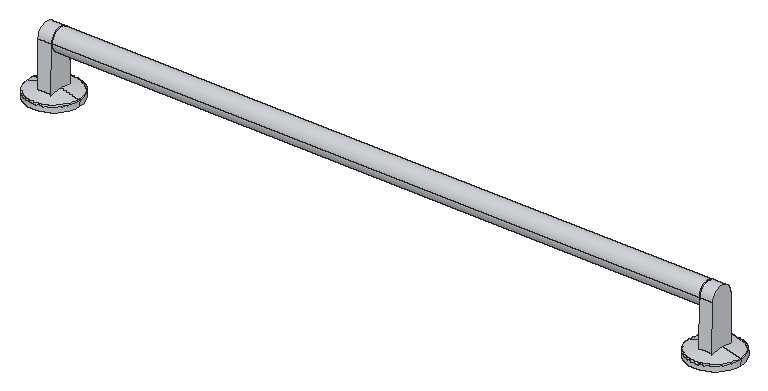
Revit family "Accessory-Towel_Bar-KOHLER-Components-K-78374", category Specialty Equipment, host Face, Revit 2015
Parameters (values of type "CP-Polished Chrome")
  Width = 2 3/8"  # constant formula
  URL = "https://www.us.kohler.com/us/"
  Type = 1
  Product Page URL = "http://www.us.kohler.com/us/catalog/productDetails.jsp?productNumber=78374"
  Product Name = "Components"  # constant formula
  Product Documentation Link = "http://www.us.kohler.com/onlinecatalog/pdf/K-78374_spec.pdf"
  Model = if(Type = 1, "K-78374-CP", if(Type = 2, "K-78374-BN", if(Type = 3, "K-78374-BL", if(Type = 4, "K-78374-TT", "NA"))))  # "K-78374-CP"
  Material = "Premium Metal Construction"  # constant formula
  MasterFormat 2004 = "10.28.13"  # constant formula
  MasterFormat 1995 = "10820"  # constant formula
  Manufacturer Address = "444 Highland Dr, Kohler, WI 53044"  # constant formula
  Manufacturer = "KOHLER Co."  # constant formula
  Length = 30"  # constant formula
  Height = 2 15/16"  # constant formula
  Finish = Kohler-Metal-CP-Polished_Chrome
  Environmental Product Declaration = ""
  Description = "30inch Towel Bar"  # constant formula
  Default Elevation = 42"
  Declare Label = ""
  Date Modified = "07/06/2018"  # constant formula
  Date Created = "07/06/2018"  # constant formula
  Copyright = "Copyright KOHLER Co."  # constant formula
  Contact Us = "https://www.us.kohler.com/us/static/contact.jsp"
  Assembly Code = "C1030200"
  ADA Compliant = 1 = 0  # no
Types (4): name | Type | Model | Finish
  (no name) | 1 | "K-78374-CP" | Kohler-Metal-CP-Polished_Chrome
  CP-Polished Chrome | 1 | "K-78374-CP" | Kohler-Metal-CP-Polished_Chrome
  BL-Matte Black | 3 | "K-78374-BL" | Kohler-Metal-BL-Matte_Black
  TT-Titanium | 4 | "K-78374-TT" | Kohler-Metal-TT-Vibrant_Titanium
Reference planes (in)
  plane 1 "Center (Front/Back)": y = 0
  plane 2: z = 0
  plane 3 "Center (Left/Right)": x = 0
  plane 4: x = -15
  plane 5: x = 15
  plane 6: y = 1.1875
  plane 7: y = -1.1875
  plane 8: z = 2.9375
Dimensions and locks (in)
  "Length": plane 4 to plane 5
  "Width": plane 6 to plane 7
  "Height": plane 8 to level
  aligned and locked: plane 2 to host face
  aligned and locked: level to host face
Automatic sketch dimensions
  host sketch curve to host sketch curve = 96"  (x2)
Nested families (in)
  nested 1: "K-78374" at (0, 0, 0), type "K-78374"
Definition of nested family "K-78374"
  Parameters (values of type "K-78374")
    Material = none
    Length = 30"
  Reference planes (in)
    plane 1 "Center (Front/Back)": y = 0
    plane 2: z = 0
    plane 3 "Center (Left/Right)": x = 0
    plane 4: x = -15
    plane 5: x = 15
    plane 6: y = 1.1875
    plane 7: z = 2.9375
    plane 8: y = -1.1875
  Forms (in)
    Revolve 1, solid, material <- "Material", detail levels medium+fine
      sketch origin (0, 0, 0) x (1, 0, 0) y (0, 0, 1)
        loop
          line (-16.1875, 0) -> (-15, 0) -> (-15, 0.54137) -> (-16.15723, 0.26168)
          arc (-16.15723, 0.26168) -> (-16.17902, 0.24769) -> (-16.1875, 0.22322) r 0.03957
          line (-16.1875, 0.22322) -> (-16.1875, 0)
        axis (-15, 0.54137) -> (-15, 0)
      angle from 0 to 360
    Revolve 2, solid, material <- "Material", detail levels medium+fine
      sketch origin (0, 0, 0) x (-1, 0, 0) y (0, 0, 1)
        loop
          line (-16.1875, 0) -> (-15, 0) -> (-15, 0.54137) -> (-16.15723, 0.26168)
          arc (-16.15723, 0.26168) -> (-16.17902, 0.24769) -> (-16.1875, 0.22322) r 0.03957
          line (-16.1875, 0.22322) -> (-16.1875, 0)
        axis (-15, 0.54137) -> (-15, 0)
      angle from 0 to 360
    Extrusion 3, solid, material <- "Material"
      sketch origin (0, 0, 0) x (0, 1, 0) y (0, 0, 1)
        loop
          arc (0.49314, 2.45313) -> (0, 2.93774) -> (-0.49314, 2.45313) r 0.49321
          line (-0.49314, 2.45313) -> (-0.53038, 0.31966) -> (0.53038, 0.31966) -> (0.49314, 2.45313)
      from 14.69094 to 15.30906
    Extrusion 4, solid, material <- "Material"
      sketch origin (0, 0, 0) x (0, 1, 0) y (0, 0, -1)
        loop
          line (0.49314, -2.45313) -> (0.53038, -0.31966) -> (-0.53038, -0.31966) -> (-0.49314, -2.45313)
          arc (-0.49314, -2.45313) -> (0, -2.93774) -> (0.49314, -2.45313) r 0.49321
      from 14.69094 to 15.30906
    Extrusion 5, solid, material <- "Material"
      sketch origin (0, 0, 0) x (0, 1, 0) y (0, 0, 1)
        loop
          circle (0, 2.44452) r 0.49321
      from -14.69094 to 14.69094
    Extrusion 6, solid, material <- "Material", detail levels coarse
      sketch origin (0, 0, 0) x (1, 0, 0) y (0, 1, 0)
        loop
          circle (-15, 0) r 1.1875
        loop
          circle (15, 0) r 1.1875
      from 0 to 0.44658
  Cuts and joins
    joined: Revolve 1, Revolve 2
    joined: Extrusion 3, Extrusion 4
  Lines and regions (in)
    Masking region 1
      outline origin (0, 0, 0) x (0, 1, 0) y (0, 0, 1)
        loop
          line (0.52873, 0.41382) -> (0.49313, 2.4538)
          arc (0.49313, 2.4538) -> (0, 2.93839) -> (-0.49313, 2.4538) r 0.4932
          line (-0.49313, 2.4538) -> (-0.52873, 0.41382) -> (-1.15899, 0.26168)
          arc (-1.15899, 0.26168) -> (-1.17952, 0.24851) -> (-1.1875, 0.22546) r 0.03726
          line (-1.1875, 0.22546) -> (-1.1875, 0) -> (1.1875, 0) -> (1.1875, 0.22546)
          arc (1.1875, 0.22546) -> (1.17952, 0.24851) -> (1.15899, 0.26168) r 0.03726
          line (1.15899, 0.26168) -> (0.52873, 0.41382)
    Masking region 2
      outline origin (0, 0, 0) x (1, 0, 0) y (0, 0, 1)
        loop
          line (-16.1875, 0) -> (-13.8125, 0) -> (-13.8125, 0.22322)
          arc (-13.8125, 0.22322) -> (-13.82098, 0.24769) -> (-13.84277, 0.26168) r 0.03957
          line (-13.84277, 0.26168) -> (-14.69094, 0.46667) -> (-14.69094, 1.95131) -> (14.69094, 1.95131) -> (14.69094, 0.46667) -> (13.84277, 0.26168)
          arc (13.84277, 0.26168) -> (13.82098, 0.24769) -> (13.8125, 0.22322) r 0.03957
          line (13.8125, 0.22322) -> (13.8125, 0) -> (16.1875, 0) -> (16.1875, 0.22322)
          arc (16.1875, 0.22322) -> (16.17902, 0.24769) -> (16.15723, 0.26168) r 0.03957
          line (16.15723, 0.26168) -> (15.30906, 0.46667) -> (15.30906, 2.9375) -> (-15.30906, 2.9375) -> (-15.30906, 0.46667) -> (-16.15723, 0.26168)
          arc (-16.15723, 0.26168) -> (-16.17902, 0.24769) -> (-16.1875, 0.22322) r 0.03957
          line (-16.1875, 0.22322) -> (-16.1875, 0)
    Masking region 3
      outline origin (0, 0, 0) x (1, 0, 0) y (0, 1, 0)
        loop
          line (-13.91977, -0.49321) -> (13.91977, -0.49321)
          arc (13.91977, -0.49321) -> (16.1875, 0.00004) -> (13.91974, 0.49314) r 1.1875
          line (13.91974, 0.49314) -> (-13.91974, 0.49314)
          arc (-13.91974, 0.49314) -> (-16.1875, 0.00004) -> (-13.91977, -0.49321) r 1.1875
    symbolic lines, detail levels medium+fine
      curve 1: arc (0, 0, 0.46667) -> (0, 0.26632, 0.44279) -> (0, 0.52909, 0.39328) r 2.76424
      curve 2: line (0, 0.52909, 0.39328) -> (0, 0.5284, 0.43278)
      curve 3: line (0, -0.52909, 0.39328) -> (0, -0.5284, 0.43278)
      curve 4: arc (0, -0.52909, 0.39328) -> (0, -0.26632, 0.44279) -> (0, 0, 0.46667) r 2.76424
      curve 5: line (-14.69094, 0, 1.95131) -> (-14.69094, 0, 2.45131)
      curve 6: line (14.69094, 0, 1.95131) -> (14.69094, 0, 2.4829)
      curve 7: line (-15.30906, 0, 0.46667) -> (-14.69094, 0, 0.46667)
      curve 8: line (14.69094, 0, 0.46667) -> (15.30906, 0, 0.46667)
      curve 9: line (-15.30906, 0.53038, 0) -> (-15.30906, -0.53038, 0)
      curve 10: line (-14.69094, -0.53038, 0) -> (-14.69094, 0.53038, 0)
      curve 11: line (15.30906, -0.53038, 0) -> (15.30906, 0.53038, 0)
      curve 12: line (14.69094, 0.53038, 0) -> (14.69094, -0.53038, 0)
      curve 13: line (15.30906, 0.53038, 0) -> (14.69094, 0.53038, 0)
      curve 14: line (14.69094, -0.53038, 0) -> (15.30906, -0.53038, 0)
      curve 15: line (-15.30906, 0.53038, 0) -> (-14.69094, 0.53038, 0)
      curve 16: line (-14.69094, -0.53038, 0) -> (-15.30906, -0.53038, 0)
      curve 17: line (-13.91974, 0.49314, 0) -> (-14.69094, 0.49314, 0)
      curve 18: line (-13.91977, -0.49321, 0) -> (-14.69094, -0.49321, 0)
      curve 19: line (13.91974, 0.49314, 0) -> (14.69094, 0.49314, 0)
      curve 20: line (13.91977, -0.49321, 0) -> (14.69094, -0.49321, 0)
      curve 21: line (-14.30906, 0, 1.95131) -> (-14.30906, 0, 2.9375)
      curve 22: line (14.30906, 0, 1.95131) -> (14.30906, 0, 2.9375)
  Dimensions and locks (in)
    equal spacing: plane 4, plane 3 "Center (Left/Right)", plane 5
    "Length": plane 4 to plane 5
    locked: Revolve 1 sketch curve to plane 4 at 1.1875
    locked: Revolve 2 sketch curve to plane 5 at 1.1875
    equal spacing: Extrusion 3, plane 5, Extrusion 3
    equal spacing: Extrusion 4, plane 4, Extrusion 4
    plane 7 to level = 2 15/16"
    equal spacing: Masking region 2 sketch curve, plane 4, Masking region 2 sketch curve
    locked: Masking region 2 sketch curve to Masking region 2 sketch curve at 2.375  (x2)
    equal spacing: Masking region 2 sketch curve, plane 5, Masking region 2 sketch curve
    locked: cut or joined group of Extrusion 3, Extrusion 4 to cut or joined group of Extrusion 3, Extrusion 4 at 0.61811  (x2)
    cut or joined group of Extrusion 3, Extrusion 4 to curve 21 = 1"
    cut or joined group of Extrusion 3, Extrusion 4 to curve 22 = 1"
    aligned and locked: plane 2 to level
    aligned and locked: Revolve 1 sketch curve to plane 4
    aligned and locked: plane 4 to Revolve 1 sketch curve
    aligned and locked: plane 5 to Revolve 2 sketch curve
    aligned and locked: Revolve 2 sketch curve to plane 5
    aligned and locked: Extrusion 5 to Extrusion 4
    aligned and locked: Extrusion 5 to Extrusion 3
    aligned and locked: cut or joined group of Extrusion 3, Extrusion 4 to Masking region 2 sketch curve  (x4)
    aligned and locked: Masking region 2 sketch curve to cut or joined group of Extrusion 3, Extrusion 4  (x2)
    aligned and locked: Masking region 2 to curve 5
    aligned and locked: curve 6 to Masking region 2
    aligned and locked: curve 7 to Masking region 2
    aligned and locked: curve 8 to Masking region 2
    aligned and locked: Masking region 3 sketch curve to cut or joined group of Revolve 1, Revolve 2  (x2)
    aligned and locked: curve 9 to cut or joined group of Extrusion 3, Extrusion 4
    aligned and locked: curve 10 to cut or joined group of Extrusion 3, Extrusion 4
    aligned and locked: curve 11 to cut or joined group of Extrusion 3, Extrusion 4
    aligned and locked: curve 12 to cut or joined group of Extrusion 3, Extrusion 4
    aligned and locked: curve 13 to cut or joined group of Extrusion 3, Extrusion 4
    aligned and locked: curve 14 to cut or joined group of Extrusion 3, Extrusion 4
    aligned and locked: curve 15 to cut or joined group of Extrusion 3, Extrusion 4
    aligned and locked: curve 16 to cut or joined group of Extrusion 3, Extrusion 4
    aligned and locked: curve 17 to Masking region 3
    aligned and locked: curve 18 to Masking region 3
    aligned and locked: curve 19 to Masking region 3
    aligned and locked: curve 20 to Masking region 3
    aligned and locked: Extrusion 6 sketch curve to Masking region 3  (x2)
  Automatic sketch dimensions
    Extrusion 3 sketch curve to plane 1 "Center (Front/Back)" = 0"
    plane 1 "Center (Front/Back)" to Extrusion 3 sketch curve = 0.49314"
    plane 1 "Center (Front/Back)" to Extrusion 3 sketch curve = 0.53038"
    Extrusion 3 sketch curve to plane 7 = 31/64"
    Extrusion 3 sketch curve to plane 1 "Center (Front/Back)" = 0.49314"
    Extrusion 3 sketch curve to plane 1 "Center (Front/Back)" = 0.53038"
    Extrusion 3 sketch curve to plane 7 = 0.49298"
    level to Extrusion 3 sketch curve = 0.31966"
    Extrusion 4 sketch curve to plane 1 "Center (Front/Back)" = 0"
    plane 1 "Center (Front/Back)" to Extrusion 4 sketch curve = 0.49314"
    plane 1 "Center (Front/Back)" to Extrusion 4 sketch curve = 0.53038"
    Extrusion 4 sketch curve to plane 7 = 31/64"
    Extrusion 4 sketch curve to plane 1 "Center (Front/Back)" = 0.49314"
    Extrusion 4 sketch curve to plane 1 "Center (Front/Back)" = 0.53038"
    Extrusion 4 sketch curve to plane 7 = 0.49298"
    level to Extrusion 4 sketch curve = 0.31966"
    Masking region 1 sketch curve to level = 0"
    Masking region 1 sketch curve to plane 8 = 0"
    Masking region 1 sketch curve to plane 1 "Center (Front/Back)" = 0"
    Masking region 1 sketch curve to plane 6 = 0"
    Masking region 1 sketch curve to plane 8 = 0.02851"
    Masking region 1 sketch curve to Masking region 1 sketch curve = 0.00874"
    plane 1 "Center (Front/Back)" to Masking region 1 sketch curve = 0.52873"
    plane 1 "Center (Front/Back)" to Masking region 1 sketch curve = 0.49313"
    Masking region 1 sketch curve to plane 7 = 0.4837"
    Masking region 1 sketch curve to plane 1 "Center (Front/Back)" = 0.49313"
    Masking region 1 sketch curve to plane 1 "Center (Front/Back)" = 0.52873"
    Masking region 1 sketch curve to Masking region 1 sketch curve = 0.03726"
    Masking region 1 sketch curve to plane 6 = 0.02851"
    level to Masking region 1 sketch curve = 0.22546"  (x2)
    level to Masking region 1 sketch curve = 0.41382"  (x2)
    Masking region 1 sketch curve to plane 7 = 0.49231"
    curve 1 to plane 1 "Center (Front/Back)" = 0"
    plane 1 "Center (Front/Back)" to curve 1 = 0.1135"
    curve 2 to plane 1 "Center (Front/Back)" = 0.52909"
    curve 1 to level = 2.29523"
    level to curve 2 = 0.39328"
    curve 3 to curve 3 = 0.00069"
    curve 2 to curve 2 = 0.00069"
    level to curve 3 = 0.39328"
    curve 2 to curve 2 = 0.0395"
    curve 3 to curve 3 = 0.0395"
    plane 1 "Center (Front/Back)" to curve 3 = 0.5284"
    curve 4 to plane 1 "Center (Front/Back)" = 0.1135"
    curve 12 to curve 20 = 0.03716"
    plane 1 "Center (Front/Back)" to curve 18 = 0.49321"
    curve 19 to curve 12 = 0.03724"
    curve 17 to curve 10 = 0.03724"
    curve 22 to plane 7 = 0"
    curve 21 to plane 7 = 0"
    curve 7 to plane 4 = 0.30906"
    plane 4 to curve 7 = 0.30906"
    curve 8 to plane 5 = 0.30906"
    plane 5 to curve 8 = 0.30906"
    curve 21 to plane 7 = 0.98619"
    curve 5 to curve 21 = 0"
    curve 6 to plane 7 = 0.98619"
    curve 22 to curve 6 = 0"
    curve 5 to plane 7 = 0.48619"
    curve 6 to plane 7 = 0.4546"
    Revolve 1 sketch curve to level = 0"  (x2)
    level to Revolve 1 sketch curve = 0.26168"
    Revolve 1 sketch curve to Revolve 1 sketch curve = 0.03027"
    Revolve 1 sketch curve to Revolve 1 sketch curve = 0.0093"
    level to Revolve 1 sketch curve = 0.54137"
    Revolve 1 sketch curve to Revolve 1 sketch curve = 0.35774"
    Revolve 2 sketch curve to level = 0"  (x2)
    Revolve 2 sketch curve to level = 0.26168"
    Revolve 2 sketch curve to Revolve 2 sketch curve = 0.03027"
    Revolve 2 sketch curve to Revolve 2 sketch curve = 0.03957"
    Revolve 2 sketch curve to Revolve 2 sketch curve = 0.54137"
    level to Revolve 2 sketch curve = 0.35774"
    Masking region 2 sketch curve to level = 0"  (x2)
    Masking region 2 sketch curve to plane 7 = 0"
    level to Masking region 2 sketch curve = 0.26168"  (x4)
    Masking region 2 sketch curve to Masking region 2 sketch curve = 0.03027"  (x2)
    Masking region 2 sketch curve to Masking region 2 sketch curve = 0.03957"  (x3)
    Masking region 2 sketch curve to Masking region 2 sketch curve = 0.0093"  (x3)
    level to Masking region 2 sketch curve = 0.46667"  (x4)
    Masking region 2 sketch curve to plane 7 = 0.98619"
    plane 1 "Center (Front/Back)" to Masking region 3 sketch curve = 0.49321"
    Masking region 3 sketch curve to plane 1 "Center (Front/Back)" = 0.49314"
